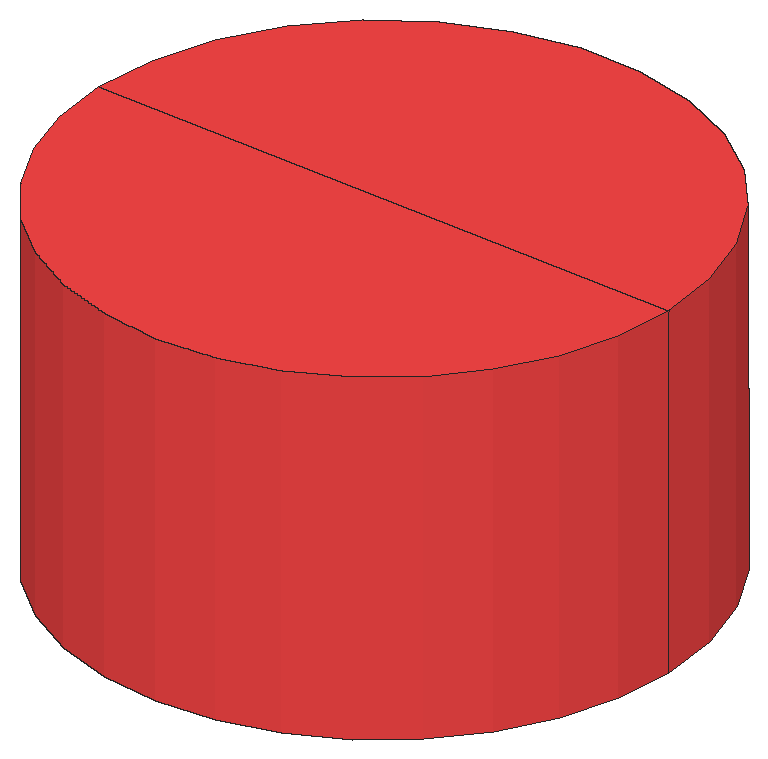
Revit family "CWST-RW-S6 ENScape optisk signalgiver rød_Tak", category Fire Alarm Devices, Revit 2016
Family settings
  Maintain Annotation Orientation = Yes
  Part Type = Normal
  Round Connector Dimension = Use Diameter
  OmniClass Number = 23.85.30.21.11.17
  OmniClass Title = Other Components
  Work Plane-Based = No
  Always vertical = No
  Cut with Voids When Loaded = No
  Shared = No
  Room Calculation Point = No
Parameters (values of type "Optisk signalgiver")
  Type Comments = "-XH"
  Reference Line Out [instance] = 10.00 mm
  NS8360 = "5423_XN2"
  Manufacturer = "Honeywell"
  Keynote = "XN2"
  CQ Symbol Positive Direction [instance] = yes
  CQ Symbol Offset Side [instance] = 0.00 mm
  CQ Symbol Offset Out [instance] = 0.00 mm
  CQ Material = Plastic - Red
  CQ Length B = 72.00 mm
  CQ Length A = 100.00 mm
  Assembly Code = "5423"
Reference planes
  plane 1 "Center (Front/Back)": y = 0
  plane 2: z = 0
  plane 3 "Center (Left/Right)": x = 0
  plane 4: x = -50
  plane 5: x = 50
  plane 6: z = -72
  plane 7: z = -57
Forms (mm)
  Revolve 1, solid, material "Plastic - Red" <- "CQ Material"
    sketch origin (0, 0, 0) x (1, 0, 0) y (0, 0, 1)
      loop
        line (0, 0) -> (0, -72) -> (1, -72)
        arc (1, -72) -> (19.979, -68.091) -> (35.868, -57) r 48.025
        line (35.868, -57) -> (50, -57) -> (50, 0) -> (0, 0)
      axis (0, 0) -> (0, -72)
    angle from 0 to 360
Lines and regions (mm)
  model lines, style "InvisibleLines"
    curve 1: line (0, 0, 0) -> (0, -43, 0)
    curve 2: line (0, 0, 0) -> (0, 0, 10)
Dimensions and locks
  equal spacing: plane 5, plane 3 "Center (Left/Right)", plane 4
  "CQ Length A": plane 5 to plane 4
  "CQ Length B": plane 6 to plane 2
  "Reference Line Out": curve 2 to level
  locked: plane 7 to plane 6 at 15
  aligned and locked: level to plane 2
  aligned and locked: curve 1 to plane 2
  aligned and locked: plane 5 to Revolve 1 sketch curve
  aligned and locked: plane 2 to Revolve 1 sketch curve
  aligned and locked: plane 3 "Center (Left/Right)" to nested 1
  aligned and locked: plane 1 "Center (Front/Back)" to nested 1
  aligned and locked: plane 2 to curve 2
  aligned and locked: plane 3 "Center (Left/Right)" to curve 2
  aligned and locked: plane 7 to Revolve 1 sketch curve
  aligned and locked: Revolve 1 sketch curve to plane 7
  aligned and locked: Revolve 1 sketch curve to plane 6
Automatic sketch dimensions
  curve 1 to plane 3 "Center (Left/Right)" = 0.00 mm
  plane 1 "Center (Front/Back)" to curve 1 = 0.00 mm
  plane 1 "Center (Front/Back)" to curve 1 = 43.00 mm
  Revolve 1 sketch curve to plane 3 "Center (Left/Right)" = 0.00 mm  (x2)
  Revolve 1 sketch curve to plane 6 = 0.00 mm
  plane 3 "Center (Left/Right)" to Revolve 1 sketch curve = 1.00 mm
  Revolve 1 sketch curve to level = 23.975 mm
  level to Revolve 1 sketch curve = 2000.00 mm
Nested families
  nested 1: "Optisk alarmapparat" at (0, 0, 0), type "Type 1"
Connectors
  electrical at (0, 0, 0)
    settings: on Revolve 1, index 1, voltage 0 V, apparent load 0 VA, apparent load phase1 0 VA, apparent load phase2 0 VA, apparent load phase3 0 VA, power factor 1, load classification "Other", number of poles 1, system type 11, power factor state 1, is connector primary yes, connector utility no, sub classification motor no, connector description ""
Definition of nested family "Optisk alarmapparat"
  Parameters
    CQ Symbol Positive Direction = yes
    CQ Symbol Negative Direction = not(CQ Symbol Positive Direction)  # no
    CQ Symbol Offset Side = 0.00 mm
    CQ Symbol Offset Out = 0.00 mm
  Reference planes
    plane 1: y = 0
    plane 2: x = 0
  Dimensions and locks
    "CQ Symbol Offset Out": plane 1 to nested 2
    "CQ Symbol Offset Out": plane 1 to nested 1
    "CQ Symbol Offset Side": plane 2 to nested 1
    "CQ Symbol Offset Side": nested 2 to plane 2
  Nested families
    nested 1: "Optisk AlarmapparatSub" at (0, 0, 0), visible <- "CQ Symbol Positive Direction", type "Type 1"
    nested 2: "Optisk AlarmapparatSub" at (0, 0, 0), visible <- "CQ Symbol Negative Direction", type "Type 1"
  Definition of nested family "Optisk AlarmapparatSub"
    Reference planes
      plane 1: y = 0
      plane 2: x = 0
    Lines and regions (mm)
      detail lines
        curve 1: circle (0, 0, 0) r 2.5 normal (0, 0, 1)
        curve 2: line (-1.768, 1.768, 0) -> (1.768, -1.768, 0)
        curve 3: line (-1.768, -1.768, 0) -> (1.768, 1.768, 0)
        curve 4: line (-0.001, 3, 0) -> (4.748, 3, 0)
    Text (mm)
      text "PL" at (1.733, 4.587, 0)
